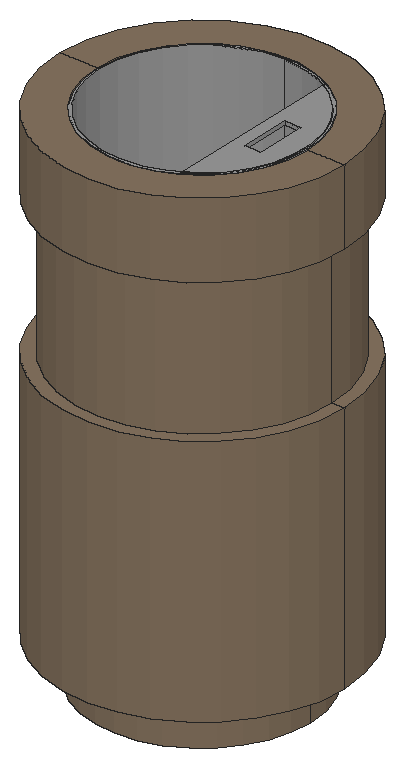
Revit family "urna_ladya", category Антураж, Revit 2017
Family settings
  На основе рабочей плоскости = Нет
  Всегда вертикально = Да
  При загрузке вырезать с полостями = Нет
  Источник визуального образа = Геометрия семейства
  Общий = Нет
  Точка расчета площади = Нет
Parameters (values of type ""Ладья" Крымский берег")
  Производитель = "ГК Очаковский комбинат ЖБИ"  # constant formula
  Позиция = ""
  Поверхность = ""
  Площадь [instance] = 0.72 m²
  Описание изделия [instance] = "Несмотря на важную утилитарную функцию, эти изделия могут стать достойным элементом системы благоустройства Мы предлагаем красивые стильные урны, которые могут быть выполнены в едином стиле с общим архитектурным ансамблем близлежащих построек или ранее установленных элементов благоустройств. Все урны комплектуются ведром с отдельной пепельницей для удобства использования и её очистки."
  Объем бетона = 0.042 m³
  Обозначение = ""
  Наименование = "Урна \"Ладья\""
  Морозостойкость [instance] = "F150"
  Материал контейнера = Сталь
  Материал = Очаковский_Крымский_берег
  Масса [instance] = 105.00 kg
  Класс бетона [instance] = "В30"
  Защитное покрытие [instance] = 0.65
  Диаметр = 340 mm
  Watermarked By = ""
  Высота = 610 mm
  Водонепроницаемость [instance] = "W8"
  URL = "http://file-system.ru/catalog/blagoustroystvo/sadovo_parkovaya_mebel/spm_urny/urny/ladya_urna/"
Types (10, lengths in mm): name | Материал | URL
  (no name) | Очаковский_Крымский_берег | "http://file-system.ru/catalog/blagoustroystvo/sadovo_parkovaya_mebel/spm_urny/urny/ladya_urna/"
  "Ладья" Белый | Очаковский_Белый | 0
  "Ладья" Белый шелк | Очаковский_Белый_Шелк | 0
  "Ладья" Московский гравий | Очаковский_Московский_гравий | 0
  "Ладья" Морская соль | Очаковский_Морская_соль | 0
  "Ладья" Крымский берег | Очаковский_Крымский_берег | "http://file-system.ru/catalog/blagoustroystvo/sadovo_parkovaya_mebel/spm_urny/urny/ladya_urna/"
  "Ладья" Шахматка | Очаковский_Шахматка | 0
  "Ладья" Светло-серый | Очаковский_Светло-серый | 0
  "Ладья" Черный шелк | Очаковский_Черный_шелк | 0
  "Ладья" Черный глянец | Очаковский_Черный_глянец | 0
Reference planes
  plane 1 "По центру (Вперед/Назад)": y = 0
  plane 2: z = 0
  plane 3 "По центру (Влево/Вправо)": x = 0
  plane 4: z = 610
  plane 5: y = -170
  plane 6: y = 170
  plane 7: z = 50
  plane 8: x = 170
  plane 9: x = -170
Forms (mm)
  Revolve 1, solid, material "Очаковский_Крымский_берег" <- "Материал", detail levels medium+fine
    sketch origin (0, 0, 0) x (1, 0, 0) y (0, 0, 1)
      loop
        line (130, 0) -> (130, 50) -> (170, 50) -> (170, 350) -> (155, 350) -> (155, 520) -> (170, 520) -> (170, 610) -> (125, 610) -> (125, 50) -> (0, 50) -> (0, 0) -> (130, 0)
      axis (0, 610) -> (0, 0)
    angle from 0 to 360
  Extrusion 2, solid, material "Сталь" <- "Материал контейнера", detail levels fine
    sketch origin (400, -1524, 610) x (0, -1, 0) y (-1, 0, 0)
      loop
        circle (-1524, 400) r 125
      loop
        circle (-1524, 400) r 122
    from 0 to 560
  Extrusion 3, solid, material "Сталь" <- "Материал контейнера", detail levels fine
    sketch origin (400, -1524, 610) x (0, -1, 0) y (-1, 0, 0)
      loop
        line (-1554, 325.593) -> (-1554, 305.593) -> (-1494, 305.593) -> (-1494, 325.593) -> (-1554, 325.593)
      loop
        arc (-1630.279, 340.093) -> (-1524, 278) -> (-1417.721, 340.093) r 122
        line (-1417.721, 340.093) -> (-1630.279, 340.093)
    from 0 to 4
Dimensions and locks
  "Высота": plane 4 to plane 2
  equal spacing: plane 6, plane 1 "По центру (Вперед/Назад)", plane 5
  "Диаметр": plane 6 to plane 5
  equal spacing: plane 9, plane 3 "По центру (Влево/Вправо)", plane 8
  "Диаметр": plane 9 to plane 8
  aligned and locked: level to plane 2
  aligned and locked: Extrusion 2 sketch curve to Revolve 1  (x2)
  aligned and locked: Extrusion 2 to plane 7
  aligned and locked: plane 3 "По центру (Влево/Вправо)" to nested 1
  aligned and locked: plane 1 "По центру (Вперед/Назад)" to nested 1
Automatic sketch dimensions
  Revolve 1 sketch curve to plane 3 "По центру (Влево/Вправо)" = 0 mm  (x2)
  Revolve 1 sketch curve to plane 4 = 0 mm
  Revolve 1 sketch curve to plane 7 = 0 mm  (x2)
  Revolve 1 sketch curve to level = 0 mm
  Revolve 1 sketch curve to Revolve 1 sketch curve = 15 mm
  Revolve 1 sketch curve to Revolve 1 sketch curve = 260 mm
  plane 4 to Revolve 1 sketch curve = 90 mm
  Revolve 1 sketch curve to level = 366.045 mm
  Revolve 1 sketch curve to plane 4 = 1604.315 mm
  Revolve 1 sketch curve to Revolve 1 sketch curve = 45 mm
  Revolve 1 sketch curve to Revolve 1 sketch curve = 5 mm
  Extrusion 2 sketch curve to Extrusion 2 sketch curve = 0 mm  (x2)
  plane 1 "По центру (Вперед/Назад)" to Extrusion 3 sketch curve = 0 mm
  Extrusion 3 sketch curve to plane 3 "По центру (Влево/Вправо)" = 0 mm
  Extrusion 3 sketch curve to plane 1 "По центру (Вперед/Назад)" = 30 mm
  plane 1 "По центру (Вперед/Назад)" to Extrusion 3 sketch curve = 30 mm
  plane 3 "По центру (Влево/Вправо)" to Extrusion 3 sketch curve = 59.907 mm
  plane 3 "По центру (Влево/Вправо)" to Extrusion 3 sketch curve = 74.407 mm
  Extrusion 3 sketch curve to Extrusion 3 sketch curve = 20 mm
  Extrusion 3 sketch curve to Extrusion 3 sketch curve = 76.279 mm
  plane 3 "По центру (Влево/Вправо)" to Revolve 1 sketch curve = 125 mm
  plane 3 "По центру (Влево/Вправо)" to Revolve 1 sketch curve = 155 mm
  radius of Extrusion 2 sketch curve = 122 mm
Nested families
  nested 1: "МАФ Круглый низкая дет" at (0, 0, 0), Высота <- "Высота", Диаметр <- "Диаметр", type "МАФ Круглый низкая дет"
    with Диаметр 340 mm, Высота 610 mm
Definition of nested family "МАФ Круглый низкая дет"
  Parameters (values of type "МАФ Круглый низкая дет")
    Диаметр [instance] = 300 mm
    Высота [instance] = 600 mm
    Watermarked By = ""
    Type Comments = "﻿﻿             ﻿     ﻿                                                          ﻿   ​ ﻿                 ​     ﻿ ​                ​   ​   ​   ​ ​   ​ ​ ​​​ ​ ​​       ﻿﻿"
    Keynote = "﻿﻿             ﻿     ﻿                                                          ﻿   ​ ﻿                 ​     ﻿ ​                ​   ​   ​   ​ ​   ​ ​ ​​​ ​ ​​       ﻿﻿"
    Description = "﻿﻿             ﻿     ﻿                                                          ﻿   ​ ﻿                 ​     ﻿ ​                ​   ​   ​   ​ ​   ​ ​ ​​​ ​ ​​       ﻿﻿"
    Assembly Code = "﻿﻿             ﻿     ﻿                                                          ﻿   ​ ﻿                 ​     ﻿ ​                ​   ​   ​   ​ ​   ​ ​ ​​​ ​ ​​       ﻿﻿"
  Reference planes
    plane 1 "По центру (Вперед/Назад)": y = 0
    plane 2: z = 0
    plane 3 "По центру (Влево/Вправо)": x = 0
    plane 4: x = -150
    plane 5: x = 150
    plane 6: y = -150
    plane 7: y = 150
    plane 8: z = 600
  Forms (mm)
    Extrusion 1, solid, detail levels coarse
      sketch origin (0, 0, 0) x (1, 0, 0) y (0, 1, 0)
        loop
          line (-150, 150) -> (-150, -150) -> (150, -150) -> (150, 150) -> (-150, 150)
      from 0 to 600
  Dimensions and locks
    equal spacing: plane 6, plane 1 "По центру (Вперед/Назад)", plane 7
    "Диаметр": plane 6 to plane 7
    equal spacing: plane 4, plane 3 "По центру (Влево/Вправо)", plane 5
    "Диаметр": plane 4 to plane 5
    "Высота": plane 8 to level
    aligned and locked: level to plane 2
    aligned and locked: Extrusion 1 sketch curve to plane 5
    aligned and locked: Extrusion 1 sketch curve to plane 7
    aligned and locked: Extrusion 1 sketch curve to plane 6
    aligned and locked: Extrusion 1 sketch curve to plane 4
    aligned and locked: plane 8 to Extrusion 1
  Automatic sketch dimensions
    Extrusion 1 sketch curve to plane 5 = 0 mm
